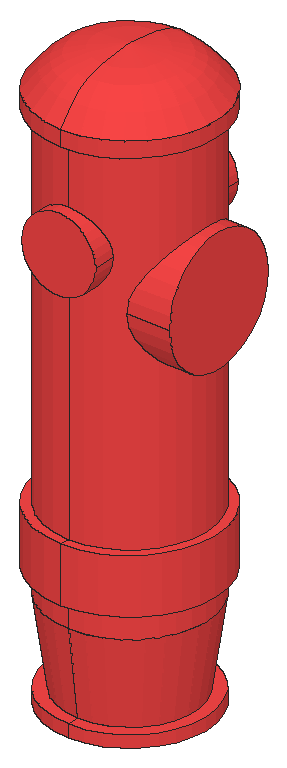
Revit family "Hidrante_Rua", category Security Devices, Revit 2020
Family settings
  Maintain Annotation Orientation = No
  Round Connector Dimension = Use Diameter
  Part Type = Normal
  OmniClass Number = 23.65.70.17.14
  OmniClass Title = Water Fire Fighting Terminals
  Work Plane-Based = No
  Always vertical = Yes
  Cut with Voids When Loaded = Yes
  Shared = No
  Room Calculation Point = Yes
Parameters
  INC_Verificado [instance] = no
  INC_Tipo de Extintor [instance] = ""
  INC_Classe de Fogo [instance] = ""
  INC_Carga do Extintor [instance] = ""
  INC_Agente do Extintor [instance] = ""
  Default Elevation = 0.000 m
  ABNT_Visibilidade Placa [instance] = ""
  ABNT_Codigo de Sinalização [instance] = ""
Reference planes (m)
  plane 1: z = 0
  plane 2 "Topo": z = 0.76
  plane 3 "Eixo": y = 0.17
  plane 4 "Eixo_Y": x = 0
  plane 5 "Eixo_X": y = 0.17
  plane 6: x = 0.275
Forms (m)
  Revolve 1, solid, material "CT_INC_Hidrante Urbano"
    sketch origin (0.14, 0, -0.2) x (0, 1, 0) y (0, 0, 1)
      loop
        line (0.17, 0) -> (0.22, 0) -> (0.295, 0) -> (0.295, 0.02) -> (0.275, 0.02) -> (0.295, 0.159006) -> (0.295, 0.2) -> (0.31, 0.2) -> (0.31, 0.29) -> (0.295, 0.29) -> (0.295, 0.87) -> (0.31, 0.87) -> (0.31, 0.895)
        spline (0.31, 0.895) -> (0.298628, 0.908828) -> (0.28977, 0.91904) -> (0.282701, 0.926479) -> (0.276698, 0.931989) -> (0.271036, 0.936415) -> (0.264961, 0.940454) -> (0.257601, 0.944251) -> (0.248055, 0.947817) -> (0.235422, 0.951164) -> (0.218802, 0.954302) -> (0.197295, 0.957244) -> (0.17, 0.96)
        line (0.17, 0.96) -> (0.17, 0)
      axis (0.17, 0.96) -> (0.17, 0)
    angle from 0 to 360
  Extrusion 2, solid, material "CT_INC_Hidrante Urbano"
    sketch origin (0.245, 0, -0.2) x (0, 1, 0) y (0, 0, 1)
      loop
        circle (0.17, 0.635) r 0.1
    from -0.039172 to 0.04
  Extrusion 3, solid, material "CT_INC_Hidrante Urbano"
    sketch origin (0, 0.065, -0.2) x (1, 0, 0) y (0, 0, 1)
      loop
        circle (0.14, 0.715) r 0.06
    from 0 to 0.04
  Extrusion 4, solid, material "CT_INC_Hidrante Urbano"
    sketch origin (0, 0.275, -0.2) x (1, 0, 0) y (0, 0, -1)
      loop
        circle (0.14, -0.715) r 0.06
    from 0 to 0.04
Cuts and joins
  joined: Revolve 1, Extrusion 2, Extrusion 3, Extrusion 4
Lines and regions (m)
  symbolic lines
    curve 1: line (-0.034642, 0.17, 0) -> (0.325358, 0.17, 0)
    curve 2: line (0.14, 0.065, 0) -> (0.14, 0.025, 0)
    curve 3: line (0.14, 0.275, 0) -> (0.14, 0.315, 0)
    curve 4: line (0.14, 0.315, 0) -> (0.14, 0.355, 0)
    curve 5: line (0.14, 0.025, 0) -> (0.14, -0.015, 0)
    curve 6: line (0.14, 0.275, 0) -> (0.14, 0.065, 0)
    curve 7: line (0.325358, 0.19, 0) -> (0.325358, 0.15, 0)
    curve 8: line (0.385358, 0.17, 0) -> (0.325358, 0.19, 0)
    curve 9: line (0.325358, 0.15, 0) -> (0.385358, 0.17, 0)
    curve 10: line (0.16, 0.355, 0) -> (0.12, 0.355, 0)
    curve 11: line (0.14, 0.415, 0) -> (0.12, 0.355, 0)
    curve 12: line (0.16, 0.355, 0) -> (0.14, 0.415, 0)
    curve 13: line (0.12, -0.015, 0) -> (0.16, -0.015, 0)
    curve 14: line (0.14, -0.075, 0) -> (0.12, -0.015, 0)
    curve 15: line (0.16, -0.015, 0) -> (0.14, -0.075, 0)
Dimensions and locks (m)
  aligned and locked: level to plane 1
